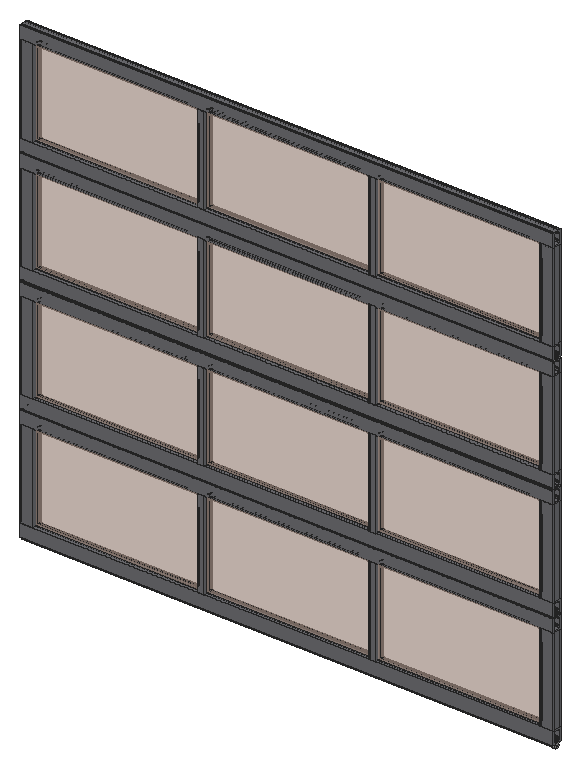
Revit family "GAS 12PUE CG", category Doors, host Wall, Revit 2024 (continued)
Automatic sketch dimensions
  Sweep 21 sketch curve to Sweep 21 sketch curve = 1.4 mm  (x2)
  Sweep 21 sketch curve to Sweep 21 sketch curve = 1.422 mm
  Sweep 21 sketch curve to Sweep 21 sketch curve = 0.778 mm  (x2)
  Sweep 21 sketch curve to Sweep 21 sketch curve = 2.987 mm
  Sweep 21 sketch curve to Sweep 21 sketch curve = 0.018 mm
  Sweep 21 sketch curve to Sweep 21 sketch curve = 0.095 mm
  Sweep 21 sketch curve to Sweep 21 sketch curve = 0.868 mm
  Sweep 21 sketch curve to Sweep 21 sketch curve = 1.122 mm  (x2)
  Sweep 21 sketch curve to Sweep 21 sketch curve = 0.47 mm
  Sweep 21 sketch curve to Sweep 21 sketch curve = 0.807 mm
  Sweep 21 sketch curve to Sweep 21 sketch curve = 1.2 mm
  profile plane to Sweep 21 sketch curve = 54.681 mm
  Sweep 21 sketch curve to Sweep 21 sketch curve = 0.212 mm
  Sweep 21 sketch curve to Sweep 21 sketch curve = 1.3 mm
  Sweep 21 sketch curve to Sweep 21 sketch curve = 1.535 mm
  Sweep 21 sketch curve to Sweep 21 sketch curve = 0.7 mm
  Sweep 21 sketch curve to Sweep 21 sketch curve = 0.3 mm  (x2)
  Sweep 21 sketch curve to Sweep 21 sketch curve = 0.6 mm
  Sweep 21 sketch curve to Sweep 21 sketch curve = 7.377 mm
  Sweep 21 sketch curve to Sweep 21 sketch curve = 0.456 mm
  Sweep 21 sketch curve to Sweep 21 sketch curve = 0.922 mm
  Sweep 21 sketch curve to Sweep 21 sketch curve = 0.163 mm
  Sweep 21 sketch curve to Sweep 21 sketch curve = 1.244 mm
  Sweep 21 sketch curve to Sweep 21 sketch curve = 0.394 mm
  Sweep 21 sketch curve to Sweep 21 sketch curve = 0.4 mm
  Sweep 21 sketch curve to Sweep 21 sketch curve = 0.837 mm
  Sweep 21 sketch curve to Sweep 21 sketch curve = 2.5 mm
  Sweep 22 sketch curve to plane 2 "Center (Left/Right)" = 416.7 mm
  Sweep 22 sketch curve to plane 3 "Left" = 30.007 mm
  level to Sweep 22 sketch curve = 493 mm
  level to Sweep 22 sketch curve = 79.909 mm
  profile plane to Sweep 22 sketch curve = 0 mm
  profile plane to Sweep 22 sketch curve = 0.455 mm
  profile plane to Sweep 22 sketch curve = 0.6 mm
  Sweep 22 sketch curve to Sweep 22 sketch curve = 0.333 mm
  Sweep 22 sketch curve to Sweep 22 sketch curve = 0.5 mm  (x3)
  profile plane to Sweep 22 sketch curve = 6.899 mm
  Sweep 22 sketch curve to Sweep 22 sketch curve = 1.1 mm
  Sweep 22 sketch curve to Sweep 22 sketch curve = 0.3 mm  (x3)
  Sweep 22 sketch curve to Sweep 22 sketch curve = 1.422 mm
  Sweep 22 sketch curve to Sweep 22 sketch curve = 0.778 mm  (x2)
  Sweep 22 sketch curve to Sweep 22 sketch curve = 2.987 mm
  Sweep 22 sketch curve to Sweep 22 sketch curve = 0.018 mm
  Sweep 22 sketch curve to Sweep 22 sketch curve = 0.095 mm
  Sweep 22 sketch curve to Sweep 22 sketch curve = 0.868 mm
  Sweep 22 sketch curve to Sweep 22 sketch curve = 1.122 mm  (x2)
  Sweep 22 sketch curve to Sweep 22 sketch curve = 0.47 mm
  Sweep 22 sketch curve to Sweep 22 sketch curve = 0.807 mm
  Sweep 22 sketch curve to Sweep 22 sketch curve = 1.2 mm
  Sweep 22 sketch curve to profile plane = 0.833 mm
  Sweep 22 sketch curve to profile plane = 1.4 mm
  Sweep 22 sketch curve to Sweep 22 sketch curve = 0.567 mm
  Sweep 22 sketch curve to Sweep 22 sketch curve = 0.2 mm
  profile plane to Sweep 22 sketch curve = 54.681 mm
  Sweep 22 sketch curve to Sweep 22 sketch curve = 0.212 mm
  Sweep 22 sketch curve to Sweep 22 sketch curve = 1.3 mm
  Sweep 22 sketch curve to Sweep 22 sketch curve = 1.535 mm
  Sweep 22 sketch curve to Sweep 22 sketch curve = 0.7 mm
  Sweep 22 sketch curve to Sweep 22 sketch curve = 0.6 mm
  Sweep 22 sketch curve to Sweep 22 sketch curve = 7.377 mm
  Sweep 22 sketch curve to Sweep 22 sketch curve = 0.456 mm
  Sweep 22 sketch curve to Sweep 22 sketch curve = 1.4 mm
  Sweep 22 sketch curve to Sweep 22 sketch curve = 0.922 mm
  Sweep 22 sketch curve to Sweep 22 sketch curve = 0.163 mm
  Sweep 22 sketch curve to Sweep 22 sketch curve = 1.244 mm
  Sweep 22 sketch curve to Sweep 22 sketch curve = 0.394 mm
  Sweep 22 sketch curve to Sweep 22 sketch curve = 0.4 mm
  Sweep 22 sketch curve to Sweep 22 sketch curve = 0.837 mm
  Sweep 22 sketch curve to Sweep 22 sketch curve = 2.5 mm
  Sweep 23 sketch curve to plane 2 "Center (Left/Right)" = 386.7 mm
  level to Sweep 23 sketch curve = 80 mm
  plane 2 "Center (Left/Right)" to Sweep 23 sketch curve = 386.7 mm
  Sweep 23 sketch curve to Sweep 23 sketch curve = 413 mm
  Sweep 23 sketch curve to profile plane = 0 mm
  profile plane to Sweep 23 sketch curve = 0.833 mm
  profile plane to Sweep 23 sketch curve = 1.4 mm
  Sweep 23 sketch curve to Sweep 23 sketch curve = 0.567 mm
  Sweep 23 sketch curve to Sweep 23 sketch curve = 0.2 mm
  Sweep 23 sketch curve to Sweep 23 sketch curve = 0.5 mm  (x3)
  Sweep 23 sketch curve to profile plane = 0.455 mm
  Sweep 23 sketch curve to profile plane = 0.6 mm
  Sweep 23 sketch curve to Sweep 23 sketch curve = 0.333 mm
  Sweep 23 sketch curve to profile plane = 6.899 mm
  Sweep 23 sketch curve to Sweep 23 sketch curve = 1.1 mm
  Sweep 23 sketch curve to Sweep 23 sketch curve = 1.4 mm  (x2)
  Sweep 23 sketch curve to Sweep 23 sketch curve = 1.422 mm
  Sweep 23 sketch curve to Sweep 23 sketch curve = 0.778 mm  (x2)
  Sweep 23 sketch curve to Sweep 23 sketch curve = 2.987 mm
  Sweep 23 sketch curve to Sweep 23 sketch curve = 0.018 mm
  Sweep 23 sketch curve to Sweep 23 sketch curve = 0.095 mm
  Sweep 23 sketch curve to Sweep 23 sketch curve = 0.868 mm
  Sweep 23 sketch curve to Sweep 23 sketch curve = 1.122 mm  (x2)
  Sweep 23 sketch curve to Sweep 23 sketch curve = 0.47 mm
  Sweep 23 sketch curve to Sweep 23 sketch curve = 0.807 mm
  Sweep 23 sketch curve to Sweep 23 sketch curve = 1.2 mm
  profile plane to Sweep 23 sketch curve = 54.681 mm
  Sweep 23 sketch curve to Sweep 23 sketch curve = 0.212 mm
  Sweep 23 sketch curve to Sweep 23 sketch curve = 1.3 mm
  Sweep 23 sketch curve to Sweep 23 sketch curve = 1.535 mm
  Sweep 23 sketch curve to Sweep 23 sketch curve = 0.7 mm
  Sweep 23 sketch curve to Sweep 23 sketch curve = 0.3 mm  (x2)
  Sweep 23 sketch curve to Sweep 23 sketch curve = 0.6 mm
  Sweep 23 sketch curve to Sweep 23 sketch curve = 7.377 mm
  Sweep 23 sketch curve to Sweep 23 sketch curve = 0.456 mm
  Sweep 23 sketch curve to Sweep 23 sketch curve = 0.922 mm
  Sweep 23 sketch curve to Sweep 23 sketch curve = 0.163 mm
  Sweep 23 sketch curve to Sweep 23 sketch curve = 1.244 mm
  Sweep 23 sketch curve to Sweep 23 sketch curve = 0.394 mm
  Sweep 23 sketch curve to Sweep 23 sketch curve = 0.4 mm
  Sweep 23 sketch curve to Sweep 23 sketch curve = 0.837 mm
  Sweep 23 sketch curve to Sweep 23 sketch curve = 2.5 mm
  Extrusion 24 sketch curve to plane 12 = 29.416 mm
  Extrusion 24 sketch curve to Extrusion 24 sketch curve = 6 mm
  plane 5 to Extrusion 24 sketch curve = 564 mm
  Extrusion 24 sketch curve to Extrusion 24 sketch curve = 413 mm
  Extrusion 25 sketch curve to plane 12 = 29.416 mm
  Extrusion 25 sketch curve to Extrusion 25 sketch curve = 6 mm
  plane 5 to Extrusion 25 sketch curve = 977 mm
  Extrusion 25 sketch curve to Extrusion 25 sketch curve = 413 mm
  Extrusion 26 sketch curve to plane 12 = 29.416 mm
  Extrusion 26 sketch curve to Extrusion 26 sketch curve = 6 mm
  plane 5 to Extrusion 26 sketch curve = 977 mm
  Extrusion 26 sketch curve to Extrusion 26 sketch curve = 413 mm
  Extrusion 27 sketch curve to plane 12 = 29.416 mm
  Extrusion 27 sketch curve to Extrusion 27 sketch curve = 6 mm
  level to Extrusion 27 sketch curve = 1032 mm
  Extrusion 27 sketch curve to Extrusion 27 sketch curve = 413 mm
  Extrusion 28 sketch curve to plane 12 = 29.416 mm
  Extrusion 28 sketch curve to Extrusion 28 sketch curve = 6 mm
  level to Extrusion 28 sketch curve = 619 mm
  Extrusion 28 sketch curve to Extrusion 28 sketch curve = 413 mm
  Extrusion 29 sketch curve to plane 12 = 29.416 mm
  Extrusion 29 sketch curve to Extrusion 29 sketch curve = 6 mm
  level to Extrusion 29 sketch curve = 619 mm
  Extrusion 29 sketch curve to Extrusion 29 sketch curve = 413 mm
  Extrusion 30 sketch curve to plane 12 = 29.416 mm
  Extrusion 30 sketch curve to Extrusion 30 sketch curve = 6 mm
  level to Extrusion 30 sketch curve = 493 mm
  level to Extrusion 30 sketch curve = 80 mm
  Extrusion 31 sketch curve to plane 12 = 29.416 mm
  Extrusion 31 sketch curve to Extrusion 31 sketch curve = 6 mm
  level to Extrusion 31 sketch curve = 80 mm
  Extrusion 31 sketch curve to Extrusion 31 sketch curve = 413 mm
  Extrusion 32 sketch curve to plane 12 = 29.416 mm
  Extrusion 32 sketch curve to Extrusion 32 sketch curve = 6 mm
  level to Extrusion 32 sketch curve = 80 mm
  Extrusion 32 sketch curve to Extrusion 32 sketch curve = 413 mm
